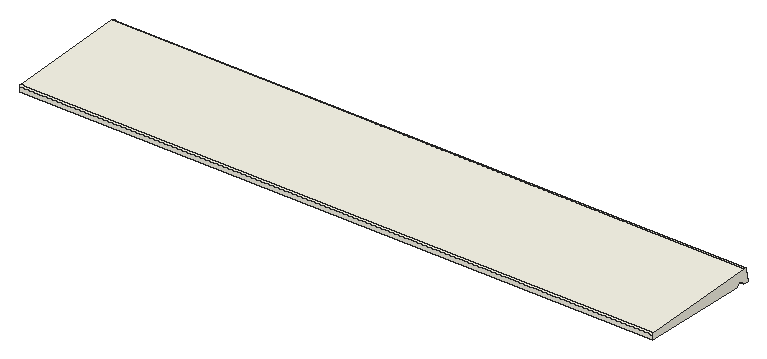
Revit family "Vierteaguas L.C-1", category Modelos genéricos, Revit 2020
Family settings
  Puede alojar armadura = No
  Cota de conector redondo = Diámetro de uso
  Tipo de pieza = Normal
  Se basa en plano de trabajo = No
  Siempre vertical = No
  Corte con vacíos al cargar = No
  Compartido = No
  Punto de cálculo de habitación = No
Parameters (values of type "L20")
  Descripción = "Pieza de hormigón polímero con anclajes de acero inoxidable"
  Ancho doble = Ancho / 4  # 50 mm
  Visible una linea = if(Ancho > 300 mm, 2 = 3, 2 = 2)  # yes
  Visible dos líneas = if(Ancho > 300 mm, 2 = 2, 2 = 3)  # no
  URL = "https://www.ulmaarchitectural.com/es-es"
  Nº filas anclajes [instance] = if(and(Ancho > 500 mm, Longitud > 1500 mm), 3, if(Longitud > 2600 mm, 6, if(Longitud < 660 mm, 2, Longitud / Dist. entre anclajes)))  # 3
  Modelo = "Vierteaguas L20"
  Material = Hormigón polímero STONEO. Color C-1
  Longitud real [instance] = if(and(Ancho > 500 mm, Longitud > 1500 mm), 1500 mm, if(Longitud > 2600 mm, 2600 mm, if(Longitud < 500 mm, 500 mm, Longitud)))  # 1200 mm
  Longitud [instance] = 1200 mm
  Fabricante = "ULMA Architectural Solutions"
  Elevación por defecto = 0 mm
  Dist. entre anclajes [instance] = if(Longitud < 650 mm, 340 mm, 440 mm)  # 440 mm
  Dist primer anclaje [instance] = if(Longitud < 700 mm, 80 mm, 150 mm)  # 150 mm
  Código de montaje = "L20"
  Ancho total = Ancho + 25 mm  # 225 mm
  Ancho = 200 mm
Types (17, lengths in mm): name | Ancho doble | Visible una linea | Visible dos líneas | Modelo | Código de montaje | Ancho total | Ancho
  (no name) | 50 | yes | no | "Vierteaguas L20" | "L20" | 225 | 200
  L12 | 30 | yes | no | "Vierteaguas L12" | "L12" | 145 | 120
  L14 | 35 | yes | no | "Vierteaguas L14" | "L14" | 165 | 140
  L16 | 40 | yes | no | "Vierteaguas L16" | "L16" | 185 | 160
  L18 | 45 | yes | no | "Vierteaguas L18" | "L18" | 205 | 180
  L20 | 50 | yes | no | "Vierteaguas L20" | "L20" | 225 | 200
  L22 | 55 | yes | no | "Vierteaguas L22" | "L22" | 245 | 220
  L24 | 60 | yes | no | "Vierteaguas L24" | "L24" | 265 | 240
  L26 | 65 | yes | no | "Vierteaguas L26" | "L26" | 285 | 260
  L28 | 70 | yes | no | "Vierteaguas L28" | "L28" | 305 | 280
  L31 | 77.5 | no | yes | "Vierteaguas L31" | "L31" | 335 | 310
  L34 | 85 | no | yes | "Vierteaguas L34" | "L34" | 365 | 340
  L37 | 92.5 | no | yes | "Vierteaguas L37" | "L37" | 395 | 370
  L39 | 97.5 | no | yes | "Vierteaguas L39" | "L39" | 415 | 390
  L43 | 107.5 | no | yes | "Vierteaguas L43" | "L43" | 455 | 430
  L46 | 115 | no | yes | "Vierteaguas L46" | "L46" | 485 | 460
  L51 | 127.5 | no | yes | "Vierteaguas L51" | "L51" | 535 | 510
Reference planes
  plane 1 "Centro (Frontal/Posterior)": y = 0
  plane 2: z = 0
  plane 3 "Centro (Izquierda/Derecha)": x = 0
  plane 4: y = -50
  plane 5: y = 50
Forms (mm)
  Extrusion 1, solid, material "Hormigón polímero STONEO. Color C-1" <- "Material"
    sketch origin (0, 0, 0) x (0, 1, 0) y (0, 0, 1)
      loop
        line (-112.5, 0) -> (87.5, 0) -> (93.464, 7.156)
        arc (93.464, 7.156) -> (95, 7.876) -> (96.536, 7.156) r 2
        line (96.536, 7.156) -> (102.5, 0) -> (112.5, 0) -> (108.393, 23.295)
        arc (108.393, 23.295) -> (107.685, 24.499) -> (106.361, 24.946) r 2
        line (106.361, 24.946) -> (-110.599, 10.183)
        arc (-110.599, 10.183) -> (-111.949, 9.565) -> (-112.5, 8.186) r 2
        line (-112.5, 8.186) -> (-112.5, 0)
    from 0 to 1200
Dimensions and locks
  equal spacing: Extrusion 1 sketch curve, plane 1 "Centro (Frontal/Posterior)", Extrusion 1 sketch curve
  "Ancho total": Extrusion 1 sketch curve to Extrusion 1 sketch curve
  "Longitud real": Extrusion 1 to Extrusion 1
  "Dist primer anclaje": Extrusion 1 to nested 1
  equal spacing: group 1, group 2, group 7  (x3)
  "Dist. entre anclajes": nested 1 to nested 2
  "Dist primer anclaje": plane 3 "Centro (Izquierda/Derecha)" to nested 3
  "Dist primer anclaje": plane 3 "Centro (Izquierda/Derecha)" to nested 4
  "Ancho doble": plane 1 "Centro (Frontal/Posterior)" to plane 4
  "Ancho doble": plane 1 "Centro (Frontal/Posterior)" to plane 5
  equal spacing: group 3, group 4, group 8  (x3)
  "Dist. entre anclajes": nested 4 to nested 5
  equal spacing: group 5, group 6, group 9  (x3)
  "Dist. entre anclajes": nested 3 to nested 6
  Extrusion 1 sketch curve to Extrusion 1 sketch curve to Extrusion 1 sketch curve = 15 mm, 10 mm
  Extrusion 1 sketch curve to level = 10.183 mm
  Extrusion 1 sketch curve to Extrusion 1 sketch curve = 7.876 mm
  Extrusion 1 sketch curve to level = 24.946 mm
  radius of Extrusion 1 sketch curve = 2 mm  (x2)
  angle Extrusion 1 sketch curve to Extrusion 1 sketch curve = 90.00°
  angle Extrusion 1 sketch curve to Extrusion 1 sketch curve = 80.00°
  aligned and locked: level to plane 2
  aligned and locked: Extrusion 1 sketch curve to level
  aligned and locked: plane 1 "Centro (Frontal/Posterior)" to nested 1
  aligned and locked: level to nested 2
  aligned and locked: level to nested 1
  aligned and locked: nested 4 to plane 4
  aligned and locked: nested 3 to plane 5
  aligned and locked: nested 5 to plane 4
  aligned and locked: nested 6 to plane 5
Automatic sketch dimensions
  Extrusion 1 sketch curve to level = 0 mm
  Extrusion 1 sketch curve to Extrusion 1 sketch curve = 0.099 mm
  level to Extrusion 1 sketch curve = 7.156 mm  (x2)
  Extrusion 1 sketch curve to Extrusion 1 sketch curve = 5.964 mm
  Extrusion 1 sketch curve to Extrusion 1 sketch curve = 1.536 mm
  Extrusion 1 sketch curve to Extrusion 1 sketch curve = 9.824 mm
  level to Extrusion 1 sketch curve = 23.295 mm
Nested families
  nested 1: "Anclaje imposta" at (150, 0, -2) x (0, -1, 0) z (0, 0, 1), visible <- "Visible una linea", type "Anclaje inoxidable estándar"
  nested 2: "Anclaje imposta" at (590, 0, -2) x (0, -1, 0) z (0, 0, 1), visible <- "Visible una linea", type "Anclaje inoxidable estándar"
  nested 3: "Anclaje imposta" at (150, 50, -2) x (0, -1, 0) z (0, 0, 1), visible <- "Visible dos líneas", type "Anclaje inoxidable estándar"
  nested 4: "Anclaje imposta" at (150, -50, -2) x (0, -1, 0) z (0, 0, 1), visible <- "Visible dos líneas", type "Anclaje inoxidable estándar"
  nested 5: "Anclaje imposta" at (590, -50, -2) x (0, -1, 0) z (0, 0, 1), visible <- "Visible dos líneas", type "Anclaje inoxidable estándar"
  nested 6: "Anclaje imposta" at (590, 50, -2) x (0, -1, 0) z (0, 0, 1), visible <- "Visible dos líneas", type "Anclaje inoxidable estándar"
  nested 7: "Anclaje imposta" at (1030, 0, -2) x (0, -1, 0) z (0, 0, 1), visible <- "Visible una linea", type "Anclaje inoxidable estándar"
  nested 8: "Anclaje imposta" at (1030, -50, -2) x (0, -1, 0) z (0, 0, 1), visible <- "Visible dos líneas", type "Anclaje inoxidable estándar"
  nested 9: "Anclaje imposta" at (1030, 50, -2) x (0, -1, 0) z (0, 0, 1), visible <- "Visible dos líneas", type "Anclaje inoxidable estándar"
Definition of nested family "Anclaje imposta"
  Parameters (values of type "Anclaje inoxidable estándar")
    URL = "https://www.ulmaarchitectural.com/es-es"
    Model = "Sujeción anclaje inoxidable estándar SPE"
    Material = none
    Manufacturer = "ULMA"
    Default Elevation = 0 mm
    Assembly Code = "901250015"
  Reference planes
    plane 1 "Centro (Frontal/Posterior)": y = 0
    plane 2: z = 0
    plane 3 "Centro (Izquierda/Derecha)": x = 0
  Dimensions and locks
    equal spacing: import instance, plane 3 "Centro (Izquierda/Derecha)", import instance
    aligned and locked: level to plane 2
